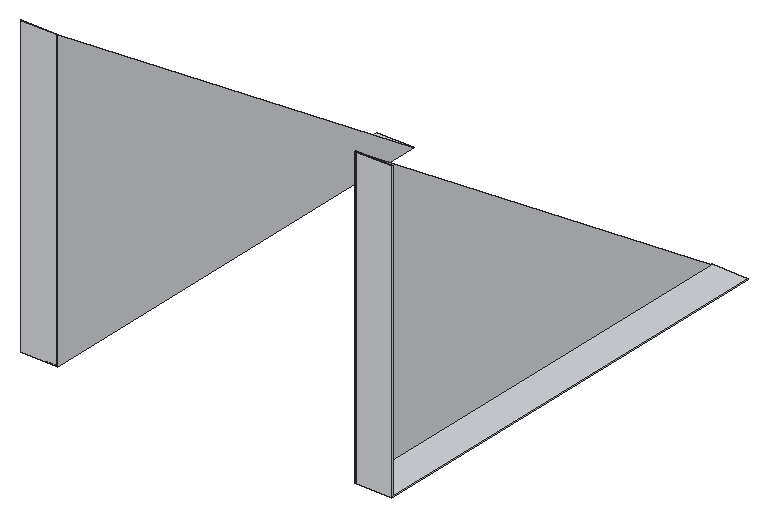
Revit family "Family7", category Generic Models, host Face, Revit 2024
Family settings
  Host = Face
  Can host rebar = No
  Round Connector Dimension = Use Diameter
  Part Type = Normal
  Cut with Voids When Loaded = No
  Maintain Annotation Orientation = No
  Shared = No
  Room Calculation Point = No
Parameters
  Width [instance] = 3' - 0"
  Thickness [instance] = 0' - 0 1/16"
  Length [instance] = 2' - 0"
  Flange [instance] = 0' - 3"
  DuctWidth [instance] = 2' - 0"
  Default Elevation = 4' - 0"
Reference planes (in)
  plane 1 "Center (Front/Back)": y = 0
  plane 2: z = 0
  plane 3 "Center (Left/Right)": x = 0
  plane 4: x = -12
  plane 5: x = 12
  plane 6: z = 24
Dimensions and locks (in)
  equal spacing: plane 4, plane 3 "Center (Left/Right)", plane 5
  "DuctWidth": plane 4 to plane 5
  "Length": plane 6 to host face
  aligned and locked: plane 2 to host face
  aligned and locked: level to host face
  aligned and locked: nested 2 to nested 1
Automatic sketch dimensions
  host sketch curve to host sketch curve = 8' - 0"  (x2)
Nested families (in)
  nested 1: "bracket_triangle" at (12.03125, -18, 0), FlangeLenth <- "Flange", Thickness <- "Thickness", Width <- "Width", type "bracket_triangle"
    with Width 3' - 0", Thickness 0' - 0 1/16", FlangeLenth 0' - 3", Heigth 2' - 0"
  nested 2: "bracket_triangle" at (-12.03125, -18, 0) x (-1, 0, 0) z (0, 0, 1), FlangeLenth <- "Flange", Thickness <- "Thickness", Width <- "Width", type "bracket_triangle"
    with Width 3' - 0", Thickness 0' - 0 1/16", FlangeLenth 0' - 3", Heigth 2' - 0"
Definition of nested family "bracket_triangle"
  Parameters (values of type "bracket_triangle")
    Width [instance] = 2' - 0"
    Thickness [instance] = 0' - 0 1/16"
    Heigth = 3' - 0"
    FlangeLenth [instance] = 0' - 3"
    Default Elevation = 4' - 0"
  Reference planes (in)
    plane 1 "Center (Front/Back)": y = 0
    plane 2: z = 0
    plane 3 "Center (Left/Right)": x = 0
    plane 4: z = 36
    plane 5: y = 12
    plane 6: y = -12
    plane 7: x = 3
    plane 8: x = 3
    plane 9: x = -4.24863
    plane 10: x = 7.75
  Forms (in)
    Extrusion 1, solid
      sketch origin (0, 0, 0) x (1, 0, 0) y (0, 1, 0)
        loop
          line (-48, 48) -> (-48, -48) -> (48, -48) -> (48, 48) -> (-48, 48)
      from 0 to -12
    Extrusion 2, solid
      sketch origin (0, 0, 0) x (1, 0, 0) y (0, 1, 0)
        loop
          line (0.03125, 12) -> (0.03125, -12) -> (3, -12) -> (3, 12) -> (0.03125, 12)
      from 0 to 0.0625 <- "Thickness"
    Extrusion 3, solid
      sketch origin (-9.32947, -12, 48) x (-1, 0, 0) y (0, 0, 1)
        loop
          line (-12.32947, -12) -> (-12.32947, -48) -> (-9.32947, -48) -> (-9.32947, -12) -> (-12.32947, -12)
      from 0 to 0.0625 <- "Thickness"
  Dimensions and locks (in)
    "Heigth": plane 4 to Extrusion 1
    equal spacing: plane 5, plane 1 "Center (Front/Back)", plane 6
    "Width": plane 5 to plane 6
    "FlangeLenth": plane 3 "Center (Left/Right)" to plane 7
    "FlangeLenth": plane 3 "Center (Left/Right)" to plane 8
    aligned and locked: plane 2 to Extrusion 1
    aligned and locked: level to Extrusion 1
    aligned and locked: plane 3 "Center (Left/Right)" to nested 1
    aligned and locked: plane 1 "Center (Front/Back)" to nested 1
    aligned and locked: Extrusion 2 sketch curve to nested 1  (x2)
    aligned and locked: plane 6 to Extrusion 2 sketch curve
    aligned and locked: Extrusion 2 sketch curve to plane 7
    aligned and locked: Extrusion 3 sketch curve to plane 4
    aligned and locked: Extrusion 1 to Extrusion 3 sketch curve
    aligned and locked: plane 3 "Center (Left/Right)" to Extrusion 3 sketch curve
  Automatic sketch dimensions
    Extrusion 1 sketch curve to Extrusion 1 sketch curve = 8' - 0"  (x2)
    plane 8 to Extrusion 3 sketch curve = 0' - 0"
  Nested families (in)
    nested 1: "sm_triangle" at (0, 0, 0), length <- "Heigth", width <- "Width", thickness <- "Thickness", type "sm_triangle"
      with width 2' - 0", thickness 0' - 0 1/16", length 3' - 0"
  Definition of nested family "sm_triangle"
    Parameters (values of type "sm_triangle")
      width [instance] = 1' - 0"
      thickness [instance] = 0' - 0 1/16"
      material = none
      length [instance] = 3' - 0"
      Default Elevation = 4' - 0"
    Reference planes (in)
      plane 1 "Center (Front/Back)": y = 0
      plane 2: z = 0
      plane 3 "Center (Left/Right)": x = 0
      plane 4: y = 6
      plane 5: z = 36
      plane 6: y = -6
      plane 7: x = -0.03125
      plane 8: x = 0.03125
    Forms (in)
      Extrusion 1, solid
        sketch origin (0, 0, 0) x (1, 0, 0) y (0, 1, 0)
          loop
            line (-48, 48) -> (-48, -48) -> (48, -48) -> (48, 48) -> (-48, 48)
        from 0 to -12
      Extrusion 2, solid
        sketch origin (-0.03125, 4.47618, 48) x (0, 1, 0) y (0, 0, 1)
          loop
            line (1.52382, -48) -> (-10.47618, -12) -> (-10.47618, -48) -> (1.52382, -48)
        from 0 to 0.0625 <- "thickness"
    Dimensions and locks (in)
      equal spacing: plane 4, plane 1 "Center (Front/Back)", plane 6  (x2)
      "length": plane 5 to Extrusion 1
      "thickness": plane 7 to plane 8
      equal spacing: plane 7, plane 3 "Center (Left/Right)", plane 8
      plane 6 to plane 4 = 1' - 0"
      "width": plane 4 to plane 6
      aligned and locked: plane 2 to Extrusion 1
      aligned and locked: level to Extrusion 1
      aligned and locked: Extrusion 2 sketch curve to plane 6
      aligned and locked: Extrusion 1 to Extrusion 2 sketch curve
      aligned and locked: plane 5 to Extrusion 2 sketch curve
    Automatic sketch dimensions
      Extrusion 1 sketch curve to Extrusion 1 sketch curve = 8' - 0"  (x2)
      Extrusion 2 sketch curve to plane 4 = 0' - 0"
